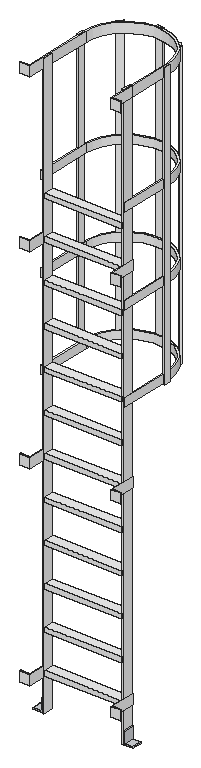
Revit family "GEN_A3A-Ladder-Wall-Mounted-with-Cage-4600mm-high", category Specialty Equipment, host Wall, Revit 2016
Family settings
  Host = Wall
  Part Type = Normal
  Round Connector Dimension = Use Diameter
  Always vertical = Yes
  Cut with Voids When Loaded = No
  Shared = No
  Room Calculation Point = No
Parameters (values of type "12'  6"")
  Rungs = 12
  Ladder Width = 609.6 mm
  Height [instance] = 3810 mm
  Assembly Code = ""
Reference planes
  plane 1: y = 0
  plane 2 "Center (Left/Right)": x = 0
  plane 3 "Wall Edge": y = 76.2
  plane 4: z = 2374.9
  plane 5: x = 304.8
  plane 6: x = -304.8
  plane 7: y = 622.3
  plane 8: y = 203.2
  plane 9: y = 279.4
  plane 10: z = 3810
  plane 11: z = 4600
  plane 12: z = 3746.5
  plane 13: z = 2438.4
  plane 14: z = 3124.2
  plane 15: z = 3060.7
  plane 16: z = 4600
Forms (mm)
  Extrusion 1, solid, material "Metal - Aluminum"
    sketch origin (0, 0, 0) x (0, 1, 0) y (0, 0, 1)
      loop
        line (279.4, 304.8) -> (203.2, 304.8) -> (203.2, 266.7) -> (279.4, 266.7) -> (279.4, 304.8)
    from -304.8 to 304.8
  Extrusion 2, solid, material "Metal - Aluminum"
    sketch origin (0, 0, 304.8) x (0, 1, 0) y (0, 0, 1)
      loop
        line (279.4, 304.8) -> (203.2, 304.8) -> (203.2, 266.7) -> (279.4, 266.7) -> (279.4, 304.8)
    from -304.8 to 304.8
  Extrusion 3, solid, material "Metal - Aluminum"
    sketch origin (0, 0, 609.6) x (0, 1, 0) y (0, 0, 1)
      loop
        line (279.4, 304.8) -> (203.2, 304.8) -> (203.2, 266.7) -> (279.4, 266.7) -> (279.4, 304.8)
    from -304.8 to 304.8
  Extrusion 4, solid, material "Metal - Aluminum"
    sketch origin (0, 0, 914.4) x (0, 1, 0) y (0, 0, 1)
      loop
        line (279.4, 304.8) -> (203.2, 304.8) -> (203.2, 266.7) -> (279.4, 266.7) -> (279.4, 304.8)
    from -304.8 to 304.8
  Extrusion 5, solid, material "Metal - Aluminum"
    sketch origin (0, 0, 1219.2) x (0, 1, 0) y (0, 0, 1)
      loop
        line (279.4, 304.8) -> (203.2, 304.8) -> (203.2, 266.7) -> (279.4, 266.7) -> (279.4, 304.8)
    from -304.8 to 304.8
  Extrusion 6, solid, material "Metal - Aluminum"
    sketch origin (0, 0, 1524) x (0, 1, 0) y (0, 0, 1)
      loop
        line (279.4, 304.8) -> (203.2, 304.8) -> (203.2, 266.7) -> (279.4, 266.7) -> (279.4, 304.8)
    from -304.8 to 304.8
  Extrusion 7, solid, material "Metal - Aluminum"
    sketch origin (0, 0, 1828.8) x (0, 1, 0) y (0, 0, 1)
      loop
        line (279.4, 304.8) -> (203.2, 304.8) -> (203.2, 266.7) -> (279.4, 266.7) -> (279.4, 304.8)
    from -304.8 to 304.8
  Extrusion 8, solid, material "Metal - Aluminum"
    sketch origin (0, 0, 2133.6) x (0, 1, 0) y (0, 0, 1)
      loop
        line (279.4, 304.8) -> (203.2, 304.8) -> (203.2, 266.7) -> (279.4, 266.7) -> (279.4, 304.8)
    from -304.8 to 304.8
  Extrusion 9, solid, material "Metal - Aluminum"
    sketch origin (0, 0, 2438.4) x (0, 1, 0) y (0, 0, 1)
      loop
        line (279.4, 304.8) -> (203.2, 304.8) -> (203.2, 266.7) -> (279.4, 266.7) -> (279.4, 304.8)
    from -304.8 to 304.8
  Extrusion 10, solid, material "Metal - Aluminum"
    sketch origin (0, 0, 2743.2) x (0, 1, 0) y (0, 0, 1)
      loop
        line (279.4, 304.8) -> (203.2, 304.8) -> (203.2, 266.7) -> (279.4, 266.7) -> (279.4, 304.8)
    from -304.8 to 304.8
  Extrusion 11, solid, material "Metal - Aluminum"
    sketch origin (0, 0, 3048) x (0, 1, 0) y (0, 0, 1)
      loop
        line (279.4, 304.8) -> (203.2, 304.8) -> (203.2, 266.7) -> (279.4, 266.7) -> (279.4, 304.8)
    from -304.8 to 304.8
  Extrusion 12, solid, material "Metal - Aluminum"
    sketch origin (0, 0, 3352.8) x (0, 1, 0) y (0, 0, 1)
      loop
        line (279.4, 304.8) -> (203.2, 304.8) -> (203.2, 266.7) -> (279.4, 266.7) -> (279.4, 304.8)
    from -304.8 to 304.8
  Extrusion 13, solid, material "Metal - Aluminum"
    sketch origin (0, 0, 0) x (1, 0, 0) y (0, 1, 0)
      loop
        arc (330.2, 622.3) -> (0, 952.5) -> (-330.2, 622.3) r 330.2
        line (-330.2, 622.3) -> (-330.2, 203.2) -> (-317.5, 203.2) -> (-317.5, 622.3)
        arc (-317.5, 622.3) -> (0, 939.8) -> (317.5, 622.3) r 317.5
        line (317.5, 622.3) -> (317.5, 203.2) -> (330.2, 203.2) -> (330.2, 622.3)
    from 2438.4 to 2374.9
  Extrusion 14, solid, material "Metal - Aluminum"
    sketch origin (0, 0, 0) x (1, 0, 0) y (0, 1, 0)
      loop
        arc (330.2, 622.3) -> (0, 952.5) -> (-330.2, 622.3) r 330.2
        line (-330.2, 622.3) -> (-330.2, 203.2) -> (-317.5, 203.2) -> (-317.5, 622.3)
        arc (-317.5, 622.3) -> (0, 939.8) -> (317.5, 622.3) r 317.5
        line (317.5, 622.3) -> (317.5, 203.2) -> (330.2, 203.2) -> (330.2, 622.3)
    from 3746.5 to 3810
  Extrusion 15, solid, material "Metal - Aluminum"
    sketch origin (0, 0, 0) x (1, 0, 0) y (0, 1, 0)
      loop
        line (-317.5, 279.4) -> (-317.5, 203.2) -> (-304.8, 203.2) -> (-304.8, 279.4) -> (-317.5, 279.4)
      loop
        line (304.8, 279.4) -> (304.8, 203.2) -> (317.5, 203.2) -> (317.5, 279.4) -> (304.8, 279.4)
    from 0 to 4600
  Extrusion 16, solid, material "Metal - Aluminum"
    sketch origin (0, 0, 0) x (1, 0, 0) y (0, 1, 0)
      loop
        line (-330.2, 622.3) -> (-342.9, 622.3) -> (-342.9, 571.5) -> (-330.2, 571.5) -> (-330.2, 622.3)
      loop
        line (342.9, 622.3) -> (330.2, 622.3) -> (330.2, 571.5) -> (342.9, 571.5) -> (342.9, 622.3)
      loop
        line (-26.119, 950.916) -> (24.681, 950.916) -> (24.681, 963.616) -> (-26.119, 963.616) -> (-26.119, 950.916)
      loop
        line (213.898, 873.136) -> (249.819, 837.215) -> (258.799, 846.195) -> (222.878, 882.116) -> (213.898, 873.136)
      loop
        line (-213.898, 873.136) -> (-222.878, 882.116) -> (-258.799, 846.195) -> (-249.819, 837.215) -> (-213.898, 873.136)
    from 2374.9 to 4600
  Extrusion 17, solid
    sketch origin (-304.8, 279.4, 4600) x (0, 0, -1) y (-1, 0, 0)
      loop
        line (4600, 12.7) -> (4600, 88.9) -> (4596.825, 88.9)
        arc (4596.825, 88.9) -> (4592.335, 87.04) -> (4590.475, 82.55) r 6.35
        line (4590.475, 82.55) -> (4590.475, 22.225) -> (4504.75, 22.225)
        arc (4504.75, 22.225) -> (4500.26, 20.365) -> (4498.4, 15.875) r 6.35
        line (4498.4, 15.875) -> (4498.4, 12.7) -> (4600, 12.7)
    from -76.2 to 0
  Extrusion 18, solid
    sketch origin (279.4, 279.4, 4600) x (0, 0, -1) y (-1, 0, 0)
      loop
        line (4600, -38.1) -> (4498.4, -38.1) -> (4498.4, -41.275)
        arc (4498.4, -41.275) -> (4500.26, -45.765) -> (4504.75, -47.625) r 6.35
        line (4504.75, -47.625) -> (4590.475, -47.625) -> (4590.475, -107.95)
        arc (4590.475, -107.95) -> (4592.335, -112.44) -> (4596.825, -114.3) r 6.35
        line (4596.825, -114.3) -> (4600, -114.3) -> (4600, -38.1)
    from -76.2 to 0
  Extrusion 19, solid, material "Metal - Aluminum"
    sketch origin (0, 0, 247.65) x (1, 0, 0) y (0, 1, 0)
      loop
        line (317.5, 279.4) -> (317.5, 76.2) -> (393.7, 76.2) -> (393.7, 85.725) -> (327.025, 85.725) -> (327.025, 279.4) -> (317.5, 279.4)
    from 0 to 76.2
  Extrusion 20, solid, material "Metal - Aluminum"
    sketch origin (0, 0, 247.65) x (-1, 0, 0) y (0, -1, 0)
      loop
        line (317.5, -279.4) -> (327.025, -279.4) -> (327.025, -85.725) -> (393.7, -85.725) -> (393.7, -76.2) -> (317.5, -76.2) -> (317.5, -279.4)
    from 0 to 76.2
  Extrusion 21, solid, material "Metal - Aluminum"
    sketch origin (0, 0, 1771.65) x (1, 0, 0) y (0, 1, 0)
      loop
        line (317.5, 279.4) -> (317.5, 76.2) -> (393.7, 76.2) -> (393.7, 85.725) -> (327.025, 85.725) -> (327.025, 279.4) -> (317.5, 279.4)
    from 0 to 76.2
  Extrusion 22, solid, material "Metal - Aluminum"
    sketch origin (0, 0, 1771.65) x (-1, 0, 0) y (0, -1, 0)
      loop
        line (317.5, -279.4) -> (327.025, -279.4) -> (327.025, -85.725) -> (393.7, -85.725) -> (393.7, -76.2) -> (317.5, -76.2) -> (317.5, -279.4)
    from 0 to 76.2
  Extrusion 23, solid, material "Metal - Aluminum"
    sketch origin (0, 0, 3295.65) x (1, 0, 0) y (0, 1, 0)
      loop
        line (317.5, 279.4) -> (317.5, 76.2) -> (393.7, 76.2) -> (393.7, 85.725) -> (327.025, 85.725) -> (327.025, 279.4) -> (317.5, 279.4)
    from 0 to 76.2
  Extrusion 24, solid, material "Metal - Aluminum"
    sketch origin (0, 0, 3295.65) x (-1, 0, 0) y (0, -1, 0)
      loop
        line (317.5, -279.4) -> (327.025, -279.4) -> (327.025, -85.725) -> (393.7, -85.725) -> (393.7, -76.2) -> (317.5, -76.2) -> (317.5, -279.4)
    from 0 to 76.2
  Extrusion 25, solid, material "Metal - Aluminum"
    sketch origin (0, 0, 4523.8) x (1, 0, 0) y (0, 1, 0)
      loop
        line (317.5, 279.4) -> (317.5, 76.2) -> (393.7, 76.2) -> (393.7, 85.725) -> (327.025, 85.725) -> (327.025, 279.4) -> (317.5, 279.4)
    from 0 to 76.2
  Extrusion 26, solid, material "Metal - Aluminum"
    sketch origin (0, 0, 4523.8) x (-1, 0, 0) y (0, -1, 0)
      loop
        line (317.5, -279.4) -> (327.025, -279.4) -> (327.025, -85.725) -> (393.7, -85.725) -> (393.7, -76.2) -> (317.5, -76.2) -> (317.5, -279.4)
    from 0 to 76.2
  Extrusion 27, solid, material "Metal - Aluminum"
    sketch origin (0, 0, -609.6) x (1, 0, 0) y (0, 1, 0)
      loop
        arc (330.2, 622.3) -> (0, 952.5) -> (-330.2, 622.3) r 330.2
        line (-330.2, 622.3) -> (-330.2, 203.2) -> (-317.5, 203.2) -> (-317.5, 622.3)
        arc (-317.5, 622.3) -> (0, 939.8) -> (317.5, 622.3) r 317.5
        line (317.5, 622.3) -> (317.5, 203.2) -> (330.2, 203.2) -> (330.2, 622.3)
    from 3670.3 to 3733.8
  Extrusion 28, solid, material "Metal - Aluminum", not visible
    sketch origin (0, 0, 247.65) x (1, 0, 0) y (0, 1, 0)
      loop
        line (317.5, 279.4) -> (317.5, 76.2) -> (393.7, 76.2) -> (393.7, 85.725) -> (327.025, 85.725) -> (327.025, 279.4) -> (317.5, 279.4)
    from 0 to 76.2
  Extrusion 29, solid, material "Metal - Aluminum", not visible
    sketch origin (0, 0, 247.65) x (-1, 0, 0) y (0, -1, 0)
      loop
        line (317.5, -279.4) -> (327.025, -279.4) -> (327.025, -85.725) -> (393.7, -85.725) -> (393.7, -76.2) -> (317.5, -76.2) -> (317.5, -279.4)
    from 0 to 76.2
  Extrusion 30, solid, material "Metal - Aluminum"
    sketch origin (0, 0, 790) x (1, 0, 0) y (0, 1, 0)
      loop
        arc (330.2, 622.3) -> (0, 952.5) -> (-330.2, 622.3) r 330.2
        line (-330.2, 622.3) -> (-330.2, 279.4) -> (-317.5, 279.4) -> (-317.5, 622.3)
        arc (-317.5, 622.3) -> (0, 939.8) -> (317.5, 622.3) r 317.5
        line (317.5, 622.3) -> (317.5, 279.4) -> (330.2, 279.4) -> (330.2, 622.3)
    from 3733.8 to 3810
Text (mm)
  text "Placement Side" at (0, 1019.848, 3124.603), in view "Right"
  text "Placement Side" at (-1787.662, 723.012, 0), in view "Ref. Level"
  text "Placement Side" at (0, 1996.779, 4341.291), in view "Left"
Dimensions and locks
  locked: plane 3 "Wall Edge" to host wall
  level to plane 13 = 2438.4 mm
  "Ladder Width": plane 5 to plane 6
  equal spacing: plane 5, plane 2 "Center (Left/Right)", plane 6
  locked: plane 3 "Wall Edge" to plane 9 at 203.2
  locked: plane 8 to plane 9 at 76.2
  equal spacing: group 1, group 2, group 3, group 4, group 5, group 6, group 7, group 8, group 9, group 10, group 11, group 12  (x3)
  locked: plane 12 to plane 10 at 63.5
  locked: plane 4 to plane 13 at 63.5
  "Height": host wall to plane 10
  Extrusion 8 to plane 4 to Extrusion 7 = 25.4 mm, 241.3 mm
  equal spacing: group 13, group 14, group 15  (x3)
  equal spacing: plane 10, plane 14, plane 13
  locked: plane 15 to plane 14 at 63.5
  aligned and locked: Extrusion 1 to plane 6
  aligned and locked: plane 5 to Extrusion 1
  aligned and locked: Extrusion 13 to plane 4
  aligned and locked: Extrusion 14 to plane 10
  aligned and locked: plane 12 to Extrusion 14
  aligned and locked: plane 13 to Extrusion 13
  aligned and locked: plane 9 to Extrusion 15 sketch curve
  aligned and locked: Extrusion 1 to Extrusion 15 sketch curve  (x2)
  aligned and locked: Extrusion 15 sketch curve to Extrusion 1  (x2)
  aligned and locked: plane 8 to Extrusion 15 sketch curve
  aligned and locked: plane 7 to Extrusion 16 sketch curve  (x2)
  aligned and locked: plane 4 to Extrusion 16
  aligned and locked: Extrusion 16 to plane 11
  aligned: plane 10 to plane 11
  aligned and locked: plane 8 to Extrusion 18
  aligned and locked: Extrusion 18 to plane 9
  aligned and locked: plane 8 to Extrusion 17
  aligned and locked: Extrusion 17 to plane 9
  aligned and locked: plane 8 to Extrusion 14 sketch curve  (x2)
  aligned and locked: plane 8 to Extrusion 13 sketch curve  (x2)
  aligned and locked: Extrusion 19 to plane 9
  aligned and locked: plane 9 to Extrusion 23
  aligned and locked: plane 9 to Extrusion 21
  aligned and locked: Extrusion 1 to plane 9  (x2)
  aligned and locked: plane 9 to Extrusion 12
  aligned and locked: plane 9 to Extrusion 11
  aligned and locked: plane 9 to Extrusion 10
  aligned and locked: plane 9 to Extrusion 9
  aligned and locked: plane 9 to Extrusion 8
  aligned and locked: plane 9 to Extrusion 7
  aligned and locked: plane 9 to Extrusion 6
  aligned and locked: Extrusion 5 to plane 9
  aligned and locked: Extrusion 4 to plane 9
  aligned and locked: Extrusion 3 to plane 9
  aligned and locked: Extrusion 2 to plane 9  (x2)
  aligned: Extrusion 14 to plane 11
  aligned and locked: Extrusion 27 to plane 14
  aligned and locked: plane 15 to Extrusion 27
  aligned and locked: Extrusion 15 to Extrusion 25
Automatic sketch dimensions
  Extrusion 1 sketch curve to Extrusion 1 sketch curve = 38.1 mm
  Extrusion 2 sketch curve to Extrusion 2 sketch curve = 38.1 mm
  Extrusion 3 sketch curve to Extrusion 3 sketch curve = 38.1 mm
  Extrusion 4 sketch curve to Extrusion 4 sketch curve = 38.1 mm
  Extrusion 5 sketch curve to Extrusion 5 sketch curve = 38.1 mm
  Extrusion 6 sketch curve to Extrusion 6 sketch curve = 38.1 mm
  Extrusion 7 sketch curve to Extrusion 7 sketch curve = 38.1 mm
  Extrusion 8 sketch curve to Extrusion 8 sketch curve = 38.1 mm
  Extrusion 9 sketch curve to Extrusion 9 sketch curve = 38.1 mm
  Extrusion 10 sketch curve to Extrusion 10 sketch curve = 38.1 mm
  Extrusion 11 sketch curve to Extrusion 11 sketch curve = 38.1 mm
  Extrusion 12 sketch curve to Extrusion 12 sketch curve = 38.1 mm
  Extrusion 19 sketch curve to Extrusion 19 sketch curve = 9.525 mm  (x2)
  Extrusion 19 sketch curve to Extrusion 19 sketch curve = 66.675 mm
  Extrusion 19 sketch curve to Extrusion 19 sketch curve = 193.675 mm
  Extrusion 21 sketch curve to Extrusion 21 sketch curve = 9.525 mm  (x2)
  Extrusion 21 sketch curve to Extrusion 21 sketch curve = 66.675 mm
  Extrusion 21 sketch curve to Extrusion 21 sketch curve = 193.675 mm
  Extrusion 23 sketch curve to Extrusion 23 sketch curve = 9.525 mm  (x2)
  Extrusion 23 sketch curve to Extrusion 23 sketch curve = 66.675 mm
  Extrusion 23 sketch curve to Extrusion 23 sketch curve = 193.675 mm
  Extrusion 22 sketch curve to Extrusion 22 sketch curve = 9.525 mm  (x2)
  Extrusion 22 sketch curve to Extrusion 22 sketch curve = 66.675 mm
  Extrusion 22 sketch curve to Extrusion 22 sketch curve = 193.675 mm
  Extrusion 20 sketch curve to Extrusion 20 sketch curve = 9.525 mm  (x2)
  Extrusion 20 sketch curve to Extrusion 20 sketch curve = 66.675 mm
  Extrusion 20 sketch curve to Extrusion 20 sketch curve = 193.675 mm
  Extrusion 24 sketch curve to Extrusion 24 sketch curve = 9.525 mm  (x2)
  Extrusion 24 sketch curve to Extrusion 24 sketch curve = 66.675 mm
  Extrusion 24 sketch curve to Extrusion 24 sketch curve = 193.675 mm
  Extrusion 25 sketch curve to Extrusion 25 sketch curve = 9.525 mm  (x2)
  Extrusion 25 sketch curve to Extrusion 25 sketch curve = 66.675 mm
  Extrusion 25 sketch curve to Extrusion 25 sketch curve = 193.675 mm
  Extrusion 26 sketch curve to Extrusion 26 sketch curve = 9.525 mm  (x2)
  Extrusion 26 sketch curve to Extrusion 26 sketch curve = 66.675 mm
  Extrusion 26 sketch curve to Extrusion 26 sketch curve = 193.675 mm
  Extrusion 28 sketch curve to Extrusion 28 sketch curve = 9.525 mm  (x2)
  Extrusion 28 sketch curve to Extrusion 28 sketch curve = 66.675 mm
  Extrusion 28 sketch curve to Extrusion 28 sketch curve = 193.675 mm
  Extrusion 29 sketch curve to Extrusion 29 sketch curve = 9.525 mm  (x2)
  Extrusion 29 sketch curve to Extrusion 29 sketch curve = 66.675 mm
  Extrusion 29 sketch curve to Extrusion 29 sketch curve = 193.675 mm
  Extrusion 13 sketch curve to Extrusion 13 sketch curve = 0 mm  (x2)
  plane 7 to Extrusion 13 sketch curve = 0 mm
  Extrusion 13 sketch curve to plane 2 "Center (Left/Right)" = 0 mm
  Extrusion 13 sketch curve to plane 6 = 12.7 mm
  Extrusion 13 sketch curve to Extrusion 13 sketch curve = 12.7 mm
  Extrusion 14 sketch curve to Extrusion 14 sketch curve = 0 mm  (x2)
  plane 7 to Extrusion 14 sketch curve = 0 mm
  Extrusion 14 sketch curve to plane 2 "Center (Left/Right)" = 0 mm
  Extrusion 14 sketch curve to plane 6 = 12.7 mm
  Extrusion 14 sketch curve to Extrusion 14 sketch curve = 12.7 mm
  Extrusion 15 sketch curve to plane 6 = 12.7 mm
  Extrusion 15 sketch curve to Extrusion 15 sketch curve = 12.7 mm
  Extrusion 16 sketch curve to plane 6 = 38.1 mm
  Extrusion 16 sketch curve to Extrusion 16 sketch curve = 12.7 mm  (x3)
  plane 6 to Extrusion 16 sketch curve = 46.001 mm
  Extrusion 16 sketch curve to Extrusion 16 sketch curve = 8.98 mm  (x4)
  Extrusion 16 sketch curve to Extrusion 16 sketch curve = 35.921 mm  (x2)
  Extrusion 16 sketch curve to plane 2 "Center (Left/Right)" = 26.119 mm
  plane 2 "Center (Left/Right)" to Extrusion 16 sketch curve = 24.681 mm
  Extrusion 16 sketch curve to plane 5 = 90.902 mm
  plane 5 to Extrusion 16 sketch curve = 25.4 mm
  plane 7 to Extrusion 16 sketch curve = 50.8 mm  (x2)
  Extrusion 16 sketch curve to plane 7 = 214.915 mm  (x2)
  Extrusion 16 sketch curve to Extrusion 16 sketch curve = 77.781 mm
  Extrusion 15 to Extrusion 17 sketch curve = 0 mm
  Extrusion 17 sketch curve to Extrusion 15 = 0 mm
  Extrusion 17 sketch curve to Extrusion 17 sketch curve = 3.175 mm
  Extrusion 17 sketch curve to Extrusion 17 sketch curve = 6.35 mm  (x2)
  Extrusion 15 to Extrusion 17 sketch curve = 9.525 mm
  Extrusion 17 sketch curve to Extrusion 17 sketch curve = 85.725 mm
  Extrusion 17 sketch curve to Extrusion 17 sketch curve = 60.325 mm
  Extrusion 18 sketch curve to Extrusion 15 = 0 mm
  Extrusion 18 sketch curve to Extrusion 18 sketch curve = 3.175 mm  (x2)
  Extrusion 18 sketch curve to Extrusion 18 sketch curve = 6.35 mm  (x2)
  Extrusion 18 sketch curve to Extrusion 18 sketch curve = 85.725 mm
  Extrusion 15 to Extrusion 18 sketch curve = 698.5 mm
  Extrusion 18 sketch curve to Extrusion 18 sketch curve = 60.325 mm
  Extrusion 27 sketch curve to Extrusion 27 sketch curve = 0 mm  (x2)
  plane 8 to Extrusion 27 sketch curve = 0 mm  (x2)
  plane 7 to Extrusion 27 sketch curve = 0 mm
  Extrusion 27 sketch curve to plane 2 "Center (Left/Right)" = 0 mm
  Extrusion 27 sketch curve to plane 6 = 12.7 mm
  Extrusion 27 sketch curve to Extrusion 27 sketch curve = 12.7 mm
  Extrusion 30 sketch curve to Extrusion 30 sketch curve = 0 mm  (x2)
  Extrusion 30 sketch curve to plane 8 = 76.2 mm  (x2)
  plane 7 to Extrusion 30 sketch curve = 0 mm
  Extrusion 30 sketch curve to plane 2 "Center (Left/Right)" = 0 mm
  Extrusion 30 sketch curve to plane 6 = 12.7 mm
  Extrusion 30 sketch curve to Extrusion 30 sketch curve = 12.7 mm
